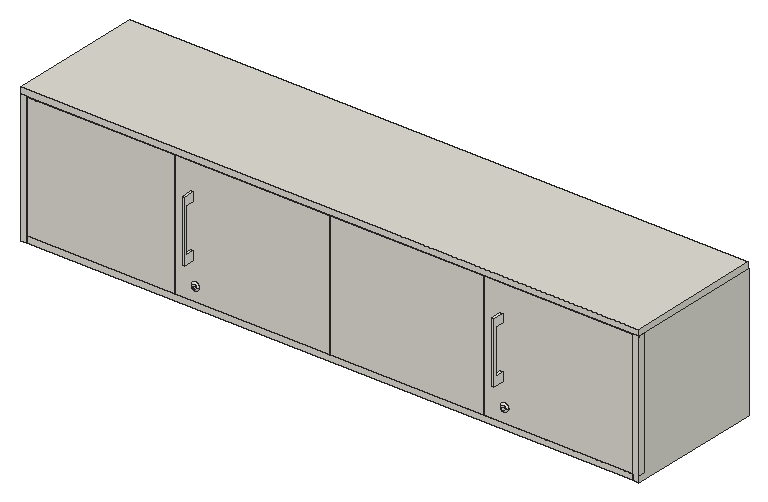
Revit family "Haworth_BeHold_OverheadStorage_HingedDoor", category Furniture Systems, Revit 2018
Family settings
  Round Connector Dimension = Use Diameter
  Part Type = Normal
  OmniClass Number = 23.40.70.14.64.21
  OmniClass Title = Systems Furniture
  Work Plane-Based = No
  Always vertical = Yes
  Cut with Voids When Loaded = No
  Shared = No
  Room Calculation Point = No
Parameters (values of type "16h 72w")
  Width = 72.00"
  Warranty = "http://www.haworth.com/resources/product-info/warranties"
  URL - Product = "https://www.haworth.com/products/storage/cabinets-towers/be_hold"
  URL = "www.haworth.com"
  Two Doors = yes
  Sustainability Info = "https://www.haworth.com/company-info/sustainability"
  Standard Widths = "24 - 72in @ 6in increments"  # constant formula
  Size = "Verify Final Dim. w/ Haworth"  # constant formula
  Revision Number = "1"  # constant formula
  Mounting Height = 22.00"
  Model = "Haworth Be_Hold"  # constant formula
  Min. Width = 24.00"  # constant formula
  Max. Width = 72.00"  # constant formula
  Manufacturer = "Haworth"  # constant formula
  Four Doors = Actual Width > 36.00"  # yes
  Door Width = if(Width = 24.00", 12.00", if(Width = 30.00", 15.00", if(Width = 36.00", 18.00", if(Width = 42.00", 10.50", if(Width = 48.00", 12.00", if(Width = 54.00", 13.50", if(Width = 60.00", 15.00", if(Width = 66.00", 16.50", 18.00"))))))))  # 18.00"
  Door Height = 14.57"  # constant formula
  Description = "Haworth - Be_Hold - Overhead Storage Unit - Hinged Door - 16h 72w"
  Custom Size = not(or(Width = 36.00", Width = 42.00", Width = 48.00", Width = 54.00", Width = 60.00", Width = 66.00", Width = 72.00"))  # no
  Cabinet Finish = Haworth _ Laminate _ Beige H-34
  Back Finish = Haworth _ Laminate _ Beige H-34
  Author = "Haworth (Abd Rahman)"  # constant formula
  Assembly Code = "E2020200"
  Actual Width = if(Width < Min. Width, Min. Width, if(Width > Max. Width, Max. Width, Width))  # 72.00"
  Actual Height = 16.00"  # constant formula
  Actual Depth = 15.94"  # constant formula
Types (9): name | Width | Four Doors | Door Width | Description | Custom Size | Actual Width
  16h 36w | 36.00" | no | 18.00" | "Haworth - Be_Hold - Overhead Storage Unit - Hinged Door - 16h 36w" | no | 36.00"
  16h 24w | 24.00" | no | 12.00" | "Haworth - Be_Hold - Overhead Storage Unit - Hinged Door - 16h 36w" | yes | 24.00"
  16h 30w | 30.00" | no | 15.00" | "Haworth - Be_Hold - Overhead Storage Unit - Hinged Door - 16h 36w" | yes | 30.00"
  16h 42w | 42.00" | yes | 10.50" | "Haworth - Be_Hold - Overhead Storage Unit - Hinged Door - 16h 36w" | no | 42.00"
  16h 48w | 48.00" | yes | 12.00" | "Haworth - Be_Hold - Overhead Storage Unit - Hinged Door - 16h 36w" | no | 48.00"
  16h 54w | 54.00" | yes | 13.50" | "Haworth - Be_Hold - Overhead Storage Unit - Hinged Door - 16h 36w" | no | 54.00"
  16h 72w | 72.00" | yes | 18.00" | "Haworth - Be_Hold - Overhead Storage Unit - Hinged Door - 16h 72w" | no | 72.00"
  16h 66w | 66.00" | yes | 16.50" | "Haworth - Be_Hold - Overhead Storage Unit - Hinged Door - 16h 36w" | no | 66.00"
  16h 60w | 60.00" | yes | 15.00" | "Haworth - Be_Hold - Overhead Storage Unit - Hinged Door - 16h 36w" | no | 60.00"
Reference planes (in)
  plane 1: z = 22
  plane 2 "Center L/R": x = -6.17556
  plane 3 "Center F/B": y = -11.5
  plane 4 "Top": z = 38
  plane 5 "Back": y = -3.53
  plane 6 "Front": y = -19.47
  plane 7 "Right": x = 29.82444
  plane 8 "Left": x = -42.17556
  plane 9: z = 37.28409
  plane 10: y = -5.01688
  plane 11: x = 29.07444
  plane 12: x = -41.42556
  plane 13: z = 22.71591
  plane 14: y = -4.33908
  plane 15: x = -6.53818
  plane 16: x = -5.78227
  plane 17: x = -7.30757
  plane 18: x = -41.32804
  plane 19: x = 28.21696
  plane 20: y = -17.65765
  plane 21: y = -18.40765
  plane 22: y = -18.53176
  plane 23: y = -19.28176
  plane 24: y = -4.59235
  plane 25: y = -5.34235
  plane 26: y = -4.46824
  plane 27: y = -3.71824
  plane 28: x = -24.17556
  plane 29: x = 11.82444
Forms (in)
  Extrusion 1, solid, material "Haworth _ Laminate _ Beige H-34" <- "Cabinet Finish"
    sketch origin (0, 0, 0) x (1, 0, 0) y (0, 1, 0)
      loop
        line (-42.17556, -3.53) -> (-42.17556, -19.47) -> (29.82444, -19.47) -> (29.82444, -3.53) -> (-42.17556, -3.53)
    from 37.28409 to 38
  Extrusion 2, solid, material "Haworth _ Laminate _ Beige H-34" <- "Cabinet Finish"
    sketch origin (0, 2.625, 0) x (1, 0, 0) y (0, 1, 0)
      loop
        line (-41.42556, -6.96408) -> (-41.42556, -7.64188) -> (29.07444, -7.64188) -> (29.07444, -6.96408) -> (-41.42556, -6.96408)
    from 22.71591 to 37.28409
  Extrusion 3, solid, material "Haworth _ Laminate _ Beige H-34" <- "Cabinet Finish"
    sketch origin (0, 0, 0) x (1, 0, 0) y (0, 1, 0)
      loop
        line (29.07444, -3.53) -> (29.07444, -19.47) -> (29.82444, -19.47) -> (29.82444, -3.53) -> (29.07444, -3.53)
    from 22 to 37.28409
  Extrusion 4, solid, material "Haworth _ Laminate _ Beige H-34" <- "Cabinet Finish"
    sketch origin (0, 0, 0) x (1, 0, 0) y (0, 1, 0)
      loop
        line (-42.17556, -3.53) -> (-42.17556, -19.47) -> (-41.42556, -19.47) -> (-41.42556, -3.53) -> (-42.17556, -3.53)
    from 22 to 37.28409
  Extrusion 5, solid, material "Haworth _ Laminate _ Beige H-34" <- "Cabinet Finish"
    sketch origin (0, 0, 6.71591) x (1, 0, 0) y (0, 1, 0)
      loop
        line (-41.42556, -3.53) -> (-41.42556, -19.47) -> (29.07444, -19.47) -> (29.07444, -3.53) -> (-41.42556, -3.53)
    from 16 to 15.28409
  Extrusion 6, solid, material "Haworth _ Laminate _ Beige H-34" <- "Cabinet Finish"
    sketch origin (0, 0, 0) x (1, 0, 0) y (0, 1, 0)
      loop
        line (-6.53818, -5.01688) -> (-6.53818, -17.53265) -> (-5.78227, -17.53265) -> (-5.78227, -5.01688) -> (-6.53818, -5.01688)
    from 22.71591 to 37.28409
  Extrusion 7, solid, material "Haworth _ Laminate _ Beige H-34" <- "Cabinet Finish"
    sketch origin (35.5425, 0.87461, 0) x (1, 0, 0) y (0, 1, 0)
      loop
        line (-6.82589, -18.44265) -> (-8.03554, -18.44265) -> (-8.03554, -18.53265) -> (-6.81921, -18.53265)
        arc (-6.81921, -18.53265) -> (-6.68227, -18.58937) -> (-6.62554, -18.72632) r 0.19367
        line (-6.62554, -18.72632) -> (-6.62554, -19.28265) -> (-6.53554, -19.28265) -> (-6.53554, -18.73299)
        arc (-6.53554, -18.73299) -> (-6.62058, -18.52769) -> (-6.82589, -18.44265) r 0.29034
    from 22.71591 to 37.28409
  Extrusion 8, solid, material "Haworth _ Laminate _ Beige H-34" <- "Cabinet Finish", not visible
    sketch origin (0, -23, 0) x (1, 0, 0) y (0, 1, 0)
      loop
        line (28.21696, 18.40765) -> (-6.53818, 18.40765) -> (-6.53818, 17.65765) -> (28.21696, 17.65765) -> (28.21696, 18.40765)
    from 22.71591 to 37.28409
  Extrusion 9, solid, material "Haworth _ Laminate _ Beige H-34" <- "Cabinet Finish", not visible
    sketch origin (35.5425, -23.87461, 0) x (1, 0, 0) y (0, 1, 0)
      loop
        arc (-6.82589, 18.44265) -> (-6.62058, 18.52769) -> (-6.53554, 18.73299) r 0.29034
        line (-6.53554, 18.73299) -> (-6.53554, 19.28265) -> (-6.62554, 19.28265) -> (-6.62554, 18.72632)
        arc (-6.62554, 18.72632) -> (-6.68227, 18.58937) -> (-6.81921, 18.53265) r 0.19367
        line (-6.81921, 18.53265) -> (-8.03554, 18.53265) -> (-8.03554, 18.44265) -> (-6.82589, 18.44265)
    from 22.71591 to 37.28409
Lines and regions (in)
  Masking region 1
    outline origin (0, 0, 0) x (1, 0, 0) y (0, 1, 0)
      loop
        line (-42.17556, -3.53) -> (-42.17556, -19.47) -> (29.82444, -19.47) -> (29.82444, -3.53) -> (-42.17556, -3.53)
Dimensions and locks (in)
  equal spacing: plane 8 "Left", plane 2 "Center L/R", plane 7 "Right"
  "Actual Width": plane 8 "Left" to plane 7 "Right"
  equal spacing: plane 5 "Back", plane 3 "Center F/B", plane 6 "Front"
  "Actual Depth": plane 5 "Back" to plane 6 "Front"
  plane 11 to plane 7 "Right" = 0.75"
  plane 8 "Left" to plane 12 = 0.75"
  locked: plane 4 "Top" to plane 9 at 0.71591
  plane 14 to plane 10 = 0.6778"
  locked: plane 19 to plane 11 at 0.85749
  locked: plane 12 to plane 18 at 0.09752
  locked: plane 17 to plane 2 "Center L/R" at 1.13202
  locked: plane 25 to plane 24 at 0.75
  locked: plane 20 to plane 21 at 0.75
  locked: plane 23 to plane 22 at 0.75
  locked: plane 26 to plane 27 at 0.75
  locked: plane 13 to plane 1 at 0.71591
  "Actual Height": plane 4 "Top" to plane 1
  "Mounting Height": plane 1 to level
  equal spacing: plane 8 "Left", plane 28, plane 2 "Center L/R", plane 29, plane 7 "Right"
  aligned and locked: plane 7 "Right" to Extrusion 1
  aligned and locked: plane 5 "Back" to Extrusion 1
  aligned and locked: Extrusion 1 to plane 8 "Left"
  aligned and locked: Extrusion 1 to plane 6 "Front"
  aligned and locked: plane 4 "Top" to Extrusion 1
  aligned and locked: Extrusion 1 to plane 9
  aligned and locked: Extrusion 3 sketch curve to plane 5 "Back"
  aligned and locked: Extrusion 3 sketch curve to Extrusion 1  (x2)
  aligned and locked: Extrusion 4 sketch curve to Extrusion 1  (x2)
  aligned and locked: plane 6 "Front" to Extrusion 4 sketch curve
  aligned and locked: Extrusion 4 to plane 12
  aligned and locked: Extrusion 3 sketch curve to plane 11
  aligned and locked: plane 11 to Extrusion 2 sketch curve
  aligned and locked: Extrusion 3 to plane 1
  aligned and locked: Extrusion 4 to plane 1
  aligned and locked: Extrusion 2 to plane 9
  aligned and locked: Extrusion 3 to plane 9
  aligned and locked: plane 9 to Extrusion 4
  aligned and locked: Extrusion 2 sketch curve to plane 12
  aligned and locked: plane 14 to Extrusion 2
  aligned and locked: Extrusion 2 to plane 10
  aligned and locked: plane 16 to Extrusion 6 sketch curve
  aligned and locked: Extrusion 6 sketch curve to plane 15
  aligned and locked: plane 10 to Extrusion 6 sketch curve
  aligned and locked: Extrusion 6 to plane 9
  aligned and locked: Extrusion 6 to plane 13
  aligned and locked: plane 7 "Right" to Masking region 1
  aligned and locked: plane 5 "Back" to Masking region 1
  aligned and locked: Masking region 1 to plane 6 "Front"
  aligned and locked: Masking region 1 to plane 8 "Left"
  aligned and locked: plane 12 to Extrusion 5
  aligned and locked: Extrusion 5 to plane 11
  aligned and locked: Extrusion 2 to plane 13
  aligned and locked: plane 19 to Extrusion 8
  aligned and locked: Extrusion 8 to plane 25
  aligned and locked: Extrusion 8 to plane 24
  aligned and locked: Extrusion 8 to plane 9
  aligned and locked: Extrusion 9 to plane 9
  aligned and locked: plane 13 to Extrusion 7
  aligned and locked: Extrusion 7 to plane 9
  aligned and locked: Extrusion 9 to plane 13
  aligned and locked: Extrusion 8 to plane 13
  aligned and locked: plane 13 to Extrusion 5
  aligned and locked: Extrusion 5 to plane 1
  aligned and locked: nested 1 to plane 13
  aligned and locked: nested 1 to plane 28
  aligned and locked: plane 6 "Front" to nested 2
  aligned and locked: plane 7 "Right" to nested 2
  aligned and locked: nested 3 to plane 28
  aligned and locked: plane 6 "Front" to nested 3
  aligned and locked: nested 3 to plane 8 "Left"
  aligned and locked: plane 29 to nested 4
  aligned and locked: nested 4 to plane 2 "Center L/R"
  aligned and locked: plane 6 "Front" to nested 4
Automatic sketch dimensions
  Extrusion 1 sketch curve to plane 6 "Front" = 0.00"
  Extrusion 1 sketch curve to plane 8 "Left" = 0.00"
  Extrusion 1 sketch curve to plane 7 "Right" = 0.00"
  Extrusion 1 sketch curve to plane 5 "Back" = 0.00"
  plane 10 to Extrusion 2 sketch curve = 0.00"
  Extrusion 2 sketch curve to plane 14 = 0.00"
  Extrusion 4 sketch curve to plane 12 = 0.00"
  Extrusion 5 sketch curve to plane 6 "Front" = 0.00"
  Extrusion 5 sketch curve to plane 12 = 0.00"
  Extrusion 5 sketch curve to plane 11 = 0.00"
  Extrusion 5 sketch curve to plane 5 "Back" = 0.00"
  plane 6 "Front" to Extrusion 6 sketch curve = 1.93735"
  Masking region 1 sketch curve to plane 6 "Front" = 0.00"
  Masking region 1 sketch curve to plane 8 "Left" = 0.00"
  Masking region 1 sketch curve to plane 7 "Right" = 0.00"
  Masking region 1 sketch curve to plane 5 "Back" = 0.00"
  Extrusion 7 sketch curve to plane 19 = 0.71"
  plane 11 to Extrusion 7 sketch curve = 0.35783"
  Extrusion 7 sketch curve to Extrusion 7 sketch curve = 0.00667"  (x2)
  plane 11 to Extrusion 7 sketch curve = 0.15748"
  plane 11 to Extrusion 7 sketch curve = 0.06748"
  plane 6 "Front" to Extrusion 7 sketch curve = 1.06196"
  Extrusion 7 sketch curve to Extrusion 7 sketch curve = 0.54965"
  Extrusion 8 sketch curve to plane 15 = 0.00"
  Extrusion 8 sketch curve to plane 19 = 0.00"
  plane 14 to Extrusion 8 sketch curve = 0.25328"
  Extrusion 8 sketch curve to plane 10 = 0.32548"
  plane 19 to Extrusion 9 sketch curve = 0.71"
  Extrusion 9 sketch curve to plane 10 = 0.12474"
  Extrusion 9 sketch curve to plane 11 = 0.35783"
  Extrusion 9 sketch curve to Extrusion 9 sketch curve = 0.00667"  (x2)
  Extrusion 9 sketch curve to plane 11 = 0.15748"
  Extrusion 9 sketch curve to plane 11 = 0.06748"
  plane 14 to Extrusion 9 sketch curve = 0.25288"
Nested families (in)
  nested 1: "Haworth_BeHold_SingleHingedDoor_PART" at (-21.35111, 0.03, -0.00284) x (-1, 0, 0) z (0, 0, 1), visible <- "Four Doors", type "Single Hinged Door w/pull"
  nested 2: "Haworth_BeHold_SingleHingedDoor_PART" at (14.64889, 0.03, 0) x (-1, 0, 0) z (0, 0, 1), type "Single Hinged Door w/pull"
  nested 3: "Haworth_BeHold_SingleHingedDoor_PART" at (-27, 0.03, 0), visible <- "Two Doors", type "Single Hinged Door w/o pull"
    with Without Lock yes, With Lock no
  nested 4: "Haworth_BeHold_SingleHingedDoor_PART" at (9, 0.03, 0), visible <- "Four Doors", type "Single Hinged Door w/o pull"
    with Without Lock yes, With Lock no
Definition of nested family "Haworth_BeHold_SingleHingedDoor_PART"
  Parameters (values of type "Single Hinged Door")
    Without Lock = not(With Lock)  # no
    With Lock = yes
    Wing Pull = no
    Warranty = "http://www.haworth.com/resources/product-info/warranties"
    URL - Product = ""
    URL = "www.haworth.com"
    Sustainability Info = "https://www.haworth.com/company-info/sustainability"
    Size = "Verify Final Dim. w/ Haworth"  # constant formula
    Revision Number = "1"  # constant formula
    Pull Height = 5.00"
    Pull Finish = none
    No Pull = yes
    Model = "Haworth Be_Hold"  # constant formula
    Manufacturer = "Haworth"  # constant formula
    Linear Pull = yes
    Description = "PART"
    Crescent Pull = not(or(Linear Pull, Classic Pull, Wing Pull, Blade Pull, No Pull))  # no
    Classic Pull = no
    Cabinet Finish = none
    Blade Pull = no
    Author = "Haworth (Abd Rahman)"  # constant formula
    Assembly Code = "E2020200"
    Actual Width = 18.00"
    Actual Height = 16.00"
    Actual Depth = 16.00"  # constant formula
  Types (4): name | Linear Pull
    Single Hinged Door | yes
    Single Hinged Door w/o pull | no
    Single Hinged Door w/pull | yes
    Single Hinged Door - left | no
  Reference planes (in)
    plane 1: z = 0
    plane 2 "Center L/R": x = -6.17556
    plane 3 "Center F/B": y = -11.5
    plane 4 "Top": z = 37.96875
    plane 5 "Back": y = -3.5
    plane 6 "Front": y = -19.5
    plane 7 "Right": x = 2.82444
    plane 8 "Left": x = -15.17556
    plane 9: z = 21.96875
    plane 10: y = -18.72441
    plane 11: z = 37.21763
    plane 12: z = 22.71875
    plane 13: x = 2.07444
    plane 14: x = -14.42556
    plane 15: z = 26.96875
  Forms (in)
    Extrusion 1, solid, material <- "Cabinet Finish"
      sketch origin (0, -19.5, 0) x (-1, 0, 0) y (0, 0, 1)
        loop
          line (15.17556, 37.21763) -> (-2.82444, 37.21763) -> (-2.82444, 22.71875) -> (15.17556, 22.71875) -> (15.17556, 37.21763)
      from 0 to 0.77559
    Revolve 2, solid, material <- "Pull Finish", visible <- "With Lock"
      sketch origin (0, -0.0625, 24.39062) x (1, 0, 0) y (0, 1, 0)
        loop
          line (0.43779, -19.44032) -> (0.43779, -19.56531) -> (0.75029, -19.56531)
          arc (0.75029, -19.56531) -> (0.83868, -19.5287) -> (0.87529, -19.44032) r 0.125
          line (0.87529, -19.44032) -> (0.43779, -19.44032)
        axis (0.43779, -19.44032) -> (0.43779, -19.56531)
      angle from 0 to 360
  Dimensions and locks (in)
    equal spacing: plane 8 "Left", plane 2 "Center L/R", plane 7 "Right"
    "Actual Width": plane 8 "Left" to plane 7 "Right"
    equal spacing: plane 5 "Back", plane 3 "Center F/B", plane 6 "Front"
    "Actual Depth": plane 5 "Back" to plane 6 "Front"
    plane 9 to level = 21.96875"
    "Actual Height": plane 4 "Top" to plane 9
    locked: plane 6 "Front" to plane 10 at 0.77559
    locked: plane 4 "Top" to plane 11 at 0.75112
    plane 13 to plane 7 "Right" = 0.75"
    plane 8 "Left" to plane 14 = 0.75"
    locked: plane 9 to plane 12 at 0.75
    "Pull Height": plane 15 to plane 9
    locked: nested 1 to plane 13 at 1.125
    aligned and locked: Extrusion 1 sketch curve to plane 12
    aligned and locked: nested 1 to plane 6 "Front"
    aligned and locked: Extrusion 1 sketch curve to plane 7 "Right"
    aligned and locked: plane 8 "Left" to Extrusion 1 sketch curve
    aligned and locked: plane 15 to nested 1
  Automatic sketch dimensions
    Extrusion 1 sketch curve to plane 11 = 0.00"
    Revolve 2 sketch curve to plane 6 "Front" = 0.00282"
    Revolve 2 sketch curve to plane 7 "Right" = 2.38666"
    Revolve 2 sketch curve to plane 6 "Front" = 0.12781"
    Revolve 2 sketch curve to Revolve 2 sketch curve = 0.3125"
    Revolve 2 sketch curve to Revolve 2 sketch curve = 0.00"  (x3)
  Nested families (in)
    nested 1: "Haworth_Door-Pulls_PART" at (2.10759, -19.46976, 30.53375), type "Pull"
      with Linear yes, Classic no
  Definition of nested family "Haworth_Door-Pulls_PART"
    Parameters (values of type "Pull")
      Working Distance = 0.00"  # constant formula
      Wing Pull Length = 8.31"
      Wing = no
      Warranty = "https://www.haworth.com/resources/product-info/warranties"
      URL - Product = ""
      URL = "www.haworth.com"
      Trim Finish = none
      Revision Number = "1"  # constant formula
      Model = "Haworth Be_Hold"  # constant formula
      Manufacturer = "Haworth"  # constant formula
      Linear Pull Length = 7.13"
      Linear = no
      Description = "Haworth - Be_Hold - Door Pulls"
      Cresent = no
      Classic Pull Length = 8.00"
      Classic = yes
      Author = "Haworth (Alias)"  # constant formula
      Assembly Code = ""
    Reference planes (in)
      plane 1 "Center F/B": y = -0.03024
      plane 2 "Center": z = 0
      plane 3 "Center L/R": x = -1.28314
      plane 4 "Right": x = -0.78314
      plane 5 "Left": x = -1.78314
      plane 6 "cresent": x = -1.28314
      plane 7 "classic": x = -1.28314
      plane 8 "linear": x = -1.28314
      plane 9 "Top linear": z = 3.565
      plane 10 "Bottom linear": z = -3.565
      plane 11 "Left wing": x = -5.43814
      plane 12 "Right wing": x = 2.87186
      plane 13 "Top classic": z = 4
      plane 14 "Bottom classic": z = -4
    Forms (in)
      Extrusion 1, solid, material <- "Trim Finish", visible <- "Linear"
        sketch origin (-1.28314, 0, 0) x (0, 0, 1) y (0, -1, 0)
          loop
            line (3.565, 0.03024) -> (3.565, 1.28024) -> (-3.565, 1.28024) -> (-3.565, 0.03024) -> (-2.565, 0.03024) -> (-2.565, 1.03023) -> (2.565, 1.03023) -> (2.565, 0.03024) -> (3.565, 0.03024)
        from 0.125 to -0.125
      Extrusion 2, solid, material <- "Trim Finish", visible <- "Classic"
        sketch origin (-6.90814, -0.03024, 11.41861) x (0, 0, -1) y (1, 0, 0)
          loop
            line (7.41861, 6) -> (7.41861, 5.25)
            arc (7.41861, 5.25) -> (7.79361, 5.625) -> (7.41861, 6) r 0.375
        from 0 to 1
      Extrusion 3, solid, material <- "Trim Finish", visible <- "Classic"
        sketch origin (-6.90814, -0.03024, -4.625) x (0, 0, 1) y (-1, 0, 0)
          loop
            arc (0.625, -6) -> (1, -5.625) -> (0.625, -5.25) r 0.375
            line (0.625, -5.25) -> (0.625, -6)
        from 0 to 1
      Extrusion 4, solid, material <- "Trim Finish", visible <- "Classic"
        sketch origin (-6.90814, -0.03024, 11.41861) x (0, 0, -1) y (1, 0, 0)
          loop
            line (7.41861, 6) -> (7.41861, 5.25) -> (15.41861, 5.25) -> (15.41861, 6) -> (7.41861, 6)
        from 1 to 1.25
      Sweep 5, solid, material <- "Trim Finish", visible <- "Cresent"
        path origin (-1.28314, 0, 0) x (0, 1, 0) y (0, 0, 1)
          loop
            arc (-0.03024, 3.71234) -> (-1.24998, 0.00302) -> (-0.03024, -3.7063) r 6.25
        profile origin (-1.28314, -1.24998, 0.00302) x (1, 0, 0) y (0, 1, 0)
          loop
            circle (0, 0.125) r 0.125
      Extrusion 6, void
        sketch origin (-1.28314, 0, 0) x (0, 0, 1) y (0, -1, 0)
          loop
            line (3.79042, 0.03024) -> (-3.84035, 0.03024) -> (-3.84035, -0.32073) -> (3.79042, -0.32073) -> (3.79042, 0.03024)
        from 0.25 to -0.25
      Sweep 7, solid, material <- "Trim Finish", visible <- "Wing"
        path origin (0, 0, 0) x (1, 0, 0) y (0, 1, 0)
          loop
            line (2.87186, -0.03024) -> (-5.43814, -0.03024)
        profile origin (-1.28314, -0.03024, 0) x (0, -1, 0) y (0, 0, 1)
          loop
            line (0, 0) -> (0, -0.055) -> (0.71462, -0.45433)
            arc (0.71462, -0.45433) -> (0.85479, -0.40775) -> (0.79582, -0.27233) r 0.10005
            line (0.79582, -0.27233) -> (0, 0)
      Extrusion 8, void
        sketch origin (0, 0, 0) x (1, 0, 0) y (0, 1, 0)
          loop
            line (-5.43814, -0.03024) -> (-5.43814, -1.07274) -> (-5.0587, -1.07274) -> (-5.43814, -0.03024)
          loop
            line (2.87186, -0.03024) -> (2.49242, -1.07274) -> (2.87186, -1.07274) -> (2.87186, -0.03024)
        from -3.565 to 3.565
    Cuts and joins
      Extrusion 6 cuts Extrusion 2
      Extrusion 6 cuts Extrusion 3
      Extrusion 6 cuts Extrusion 4
      joined: Extrusion 2, Extrusion 3, Extrusion 4
      Extrusion 6 cuts Extrusion 1
      Extrusion 6 cuts Sweep 5
      Extrusion 8 cuts Sweep 7
    Lines and regions (in)
      symbolic lines, detail levels fine
        curve 1: line (-1.78314, -0.03024, 0) -> (-0.78314, -0.03024, 0)
    Dimensions and locks (in)
      equal spacing: plane 4 "Right", plane 3 "Center L/R", plane 5 "Left"
      locked: plane 4 "Right" to plane 5 "Left" at 1
      cut or joined group of Extrusion 2, Extrusion 3, Extrusion 4, Extrusion 6 to plane 7 "classic" to cut or joined group of Extrusion 2, Extrusion 3, Extrusion 4, Extrusion 6 = 0.375" locked, 0.375" locked
      locked: Extrusion 6 sketch curve to plane 9 "Top linear" at 0.22542
      locked: plane 10 "Bottom linear" to Extrusion 6 sketch curve at 0.27535
      locked: Extrusion 8 sketch curve to plane 1 "Center F/B" at 1.0425
      locked: plane 1 "Center F/B" to Extrusion 8 sketch curve at 1.0425
      "Working Distance": plane 3 "Center L/R" to plane 7 "classic"
      "Working Distance": plane 3 "Center L/R" to plane 6 "cresent"
      "Working Distance": plane 3 "Center L/R" to plane 8 "linear"
      locked: plane 9 "Top linear" to Extrusion 1 sketch curve at 1
      locked: plane 10 "Bottom linear" to Extrusion 1 sketch curve at 1
      equal spacing: plane 9 "Top linear", plane 2 "Center", plane 10 "Bottom linear"
      "Linear Pull Length": plane 9 "Top linear" to plane 10 "Bottom linear"
      equal spacing: plane 13 "Top classic", plane 2 "Center", plane 14 "Bottom classic"
      "Classic Pull Length": plane 13 "Top classic" to plane 14 "Bottom classic"
      equal spacing: plane 12 "Right wing", plane 3 "Center L/R", plane 11 "Left wing"
      "Wing Pull Length": plane 12 "Right wing" to plane 11 "Left wing"
      locked: plane 11 "Left wing" to Extrusion 8 sketch curve at 0.37944
      locked: Extrusion 8 sketch curve to plane 12 "Right wing" at 0.37944
      aligned: Extrusion 1 to plane 1 "Center F/B"  (x2)
      aligned and locked: level to plane 2 "Center"
      aligned and locked: plane 6 "cresent" to Sweep 5 sketch curve
      aligned and locked: Extrusion 1 sketch curve to plane 9 "Top linear"
      aligned and locked: plane 10 "Bottom linear" to Extrusion 1 sketch curve
      aligned and locked: Sweep 7 sketch curve to plane 1 "Center F/B"
      aligned and locked: Extrusion 8 to plane 10 "Bottom linear"
      aligned and locked: plane 9 "Top linear" to Extrusion 8
      aligned and locked: plane 1 "Center F/B" to curve 1
      aligned and locked: plane 4 "Right" to curve 1
      aligned and locked: plane 5 "Left" to curve 1
      aligned and locked: Extrusion 4 sketch curve to plane 13 "Top classic"
      aligned and locked: plane 14 "Bottom classic" to Extrusion 4 sketch curve
      aligned and locked: plane 13 "Top classic" to Extrusion 2 sketch curve  (x2)
      aligned and locked: plane 7 "classic" to Extrusion 2 sketch curve
      aligned and locked: plane 7 "classic" to Extrusion 3 sketch curve
      aligned and locked: plane 14 "Bottom classic" to Extrusion 3 sketch curve  (x2)
      aligned and locked: plane 11 "Left wing" to Sweep 7 sketch curve
      aligned and locked: plane 12 "Right wing" to Sweep 7 sketch curve
      aligned and locked: Extrusion 8 sketch curve to plane 11 "Left wing"
      aligned and locked: Extrusion 8 sketch curve to plane 12 "Right wing"
    Automatic sketch dimensions
      Sweep 5 sketch curve to plane 1 "Center F/B" = 0.00"  (x2)
      level to Sweep 5 sketch curve = 0.00302"
      Sweep 5 sketch curve to plane 1 "Center F/B" = 5.03025"
      Sweep 5 sketch curve to profile plane = 0.125"
      Sweep 5 sketch curve to level = 3.7063"
      Extrusion 6 sketch curve to plane 1 "Center F/B" = 0.00"
      Extrusion 6 sketch curve to plane 1 "Center F/B" = 0.35096"
      Sweep 7 sketch curve to level = 0.00"
      Sweep 7 sketch curve to profile plane = 0.00"
      Sweep 7 sketch curve to profile plane = 0.71462"
      Sweep 7 sketch curve to Sweep 7 sketch curve = 0.0488"
      Sweep 7 sketch curve to level = 0.27233"
      Sweep 7 sketch curve to Sweep 7 sketch curve = 0.03239"
      Sweep 7 sketch curve to Sweep 7 sketch curve = 0.09466"
      Sweep 7 sketch curve to Sweep 7 sketch curve = 0.055"
      Extrusion 1 sketch curve to plane 1 "Center F/B" = 0.00"  (x2)
      plane 1 "Center F/B" to Extrusion 1 sketch curve = 1.00"
      Extrusion 1 sketch curve to Extrusion 1 sketch curve = 0.25"
      plane 5 "Left" to Extrusion 4 sketch curve = 0.125"
      Extrusion 4 sketch curve to plane 4 "Right" = 0.125"
      plane 1 "Center F/B" to Extrusion 8 sketch curve = 0.00"  (x2)
      plane 5 "Left" to Extrusion 2 sketch curve = 0.125"
      Extrusion 3 sketch curve to plane 4 "Right" = 0.125"
      radius of Sweep 5 sketch curve = 0.125"
